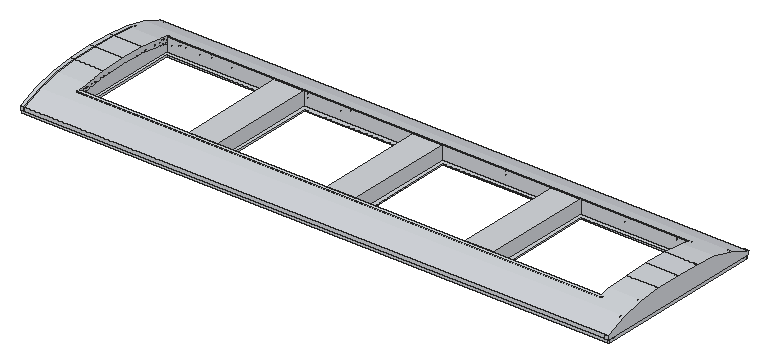
Revit family "Gira_0214723", category Electrical Fixtures, host Face, Revit 2017
Family settings
  Host = Face
  Maintain Annotation Orientation = No
  Round Connector Dimension = Use Diameter
  Part Type = Normal
  Cut with Voids When Loaded = No
  Shared = No
  Room Calculation Point = No
Parameters (values of type "Cov.fr. 4-g interm.fr. PW Gira Event Clear white")
  URL = "http://katalog.gira.de/en/datenblatt.html?artikelnr=0214723"
  Transparent = "No"
  Name = "Cov.fr. 4-g interm.fr. PW Gira Event Clear white"
  Manufacturer URL = "https://www.gira.de/"
  Manufacturer = "Gira"
  Label space/information surface = "No"
  Keynote = ""
  HeinzeBIM = "https://bimportal.heinze.de/bim/cov-fr-4-g-interm-fr-pw-gira-event-clear-white/8a031bdc05e33e4c6c69c108868627afa960f04f"
  HAN = "0214723"
  GTIN = "4010337068686"
  Description = "Cov.fr.4g i.fr.PW EvCl WH,Gira Event Clear cover frame,white with pure white glossy intermediate frame,4-gang,Features:,- Shatter-proof."
  Default Elevation = 1219.2 mm
  Data sheet (1) = "https://katalog.gira.de/en/download.html?artikelnr=0214723"
  Category = "Cover frame for domestic switching devices"
  BIM (1) = "https://media.stage.bim.site/public/gira/36a6b08/Event_Rahmen_4fach.rfa"
  Available = "No"
Reference planes
  plane 1 "Center (Front/Back)": y = 0
  plane 2: z = 0
  plane 3 "Center (Left/Right)": x = 0
Forms (mm)
  Extrusion 1, solid, detail levels fine
    sketch origin (0, 0, 0.05) x (0, 1, 0) y (0, 0, 1)
      loop
        arc (12.445, 9.683) -> (6.223, 9.833) -> (0, 9.85) r 291.636
        arc (0, 9.85) -> (-6.223, 9.833) -> (-12.445, 9.683) r 291.636
        arc (-12.445, 9.683) -> (-29.14, 7.482) -> (-45, 1.823) r 79.728
        line (-45, 1.823) -> (-45, -0.05) -> (-42.086, -0.05)
        arc (-42.086, -0.05) -> (-21.385, 5.559) -> (0, 7.206) r 114.424
        arc (0, 7.206) -> (21.385, 5.559) -> (42.086, -0.05) r 114.424
        line (42.086, -0.05) -> (45, -0.05) -> (45, 1.823)
        arc (45, 1.823) -> (29.14, 7.482) -> (12.445, 9.683) r 79.728
    from -151.95 to 151.935
  Extrusion 2, void, detail levels fine
    sketch origin (0, 0, 0) x (1, 0, 0) y (0, 1, 0)
      loop
        line (134.95, 28.035) -> (-134.95, 28.035) -> (-134.95, -28.035) -> (134.95, -28.035) -> (134.95, 28.035)
    from 0.724 to 11
  Extrusion 3, solid, detail levels coarse
    sketch origin (0, 0, 0) x (1, 0, 0) y (0, 1, 0)
      loop
        line (-151.95, 45) -> (-151.95, -45) -> (151.935, -45) -> (151.935, 45) -> (-151.95, 45)
    from -1.5 to 9.9
  Extrusion 4, solid, detail levels medium
    sketch origin (0, 0, 0.05) x (0, 1, 0) y (0, 0, 1)
      loop
        arc (12.445, 9.683) -> (6.223, 9.833) -> (0, 9.85) r 291.636
        arc (0, 9.85) -> (-6.223, 9.833) -> (-12.445, 9.683) r 291.636
        arc (-12.445, 9.683) -> (-29.14, 7.482) -> (-45, 1.823) r 79.728
        line (-45, 1.823) -> (-45, -0.05) -> (45, -0.05) -> (45, 1.823)
        arc (45, 1.823) -> (29.14, 7.482) -> (12.445, 9.683) r 79.728
    from -151.95 to 151.935
  Extrusion 5, solid, detail levels fine
    sketch origin (-106.95, 0, -1.5) x (0, 1, 0) y (0, 0, -1)
      loop
        line (45, -3.373) -> (45, -1.5) -> (-45, -1.5) -> (-45, -3.373)
        arc (-45, -3.373) -> (-29.14, -9.032) -> (-12.445, -11.233) r 79.728
        arc (-12.445, -11.233) -> (-6.223, -11.383) -> (0, -11.4) r 291.636
        arc (0, -11.4) -> (6.223, -11.383) -> (12.445, -11.233) r 291.636
        arc (12.445, -11.233) -> (29.14, -9.032) -> (45, -3.373) r 79.728
    from 43 to 45
  Extrusion 6, solid, detail levels fine
    sketch origin (0, 0, 0) x (1, 0, 0) y (0, 1, 0)
      loop
        line (-132.85, 25.7) -> (-132.85, -25.7) -> (-81.05, -25.7) -> (-81.05, 25.7) -> (-132.85, 25.7)
      loop
        line (-9.755, -25.7) -> (-9.755, 25.7) -> (-61.555, 25.7) -> (-61.555, -25.7) -> (-9.755, -25.7)
      loop
        line (-135.845, 28.49) -> (-135.845, -28.495)
        spline (-135.845, -28.495) -> (-135.836, -28.625) -> (-135.811, -28.754) -> (-135.769, -28.878) -> (-135.711, -28.995) -> (-135.638, -29.104) -> (-135.552, -29.202) -> (-135.454, -29.288) -> (-135.345, -29.361) -> (-135.228, -29.419) -> (-135.104, -29.461) -> (-134.975, -29.486) -> (-134.845, -29.495)
        line (-134.845, -29.495) -> (134.845, -29.495)
        spline (134.845, -29.495) -> (134.975, -29.486) -> (135.104, -29.461) -> (135.228, -29.419) -> (135.345, -29.361) -> (135.454, -29.288) -> (135.552, -29.202) -> (135.638, -29.104) -> (135.711, -28.995) -> (135.769, -28.878) -> (135.811, -28.754) -> (135.836, -28.625) -> (135.845, -28.495)
        line (135.845, -28.495) -> (135.845, 28.49)
        spline (135.845, 28.49) -> (135.836, 28.62) -> (135.811, 28.748) -> (135.769, 28.872) -> (135.711, 28.99) -> (135.638, 29.098) -> (135.552, 29.197) -> (135.454, 29.283) -> (135.345, 29.356) -> (135.228, 29.413) -> (135.104, 29.456) -> (134.975, 29.481) -> (134.845, 29.49)
        line (134.845, 29.49) -> (-134.845, 29.49)
        spline (-134.845, 29.49) -> (-134.975, 29.481) -> (-135.104, 29.456) -> (-135.228, 29.413) -> (-135.345, 29.356) -> (-135.454, 29.283) -> (-135.552, 29.197) -> (-135.638, 29.098) -> (-135.711, 28.99) -> (-135.769, 28.872) -> (-135.811, 28.748) -> (-135.836, 28.62) -> (-135.845, 28.49)
      loop
        line (61.545, -25.7) -> (61.545, 25.7) -> (9.745, 25.7) -> (9.745, -25.7) -> (61.545, -25.7)
      loop
        line (132.85, -25.7) -> (132.85, 25.7) -> (81.05, 25.7) -> (81.05, -25.7) -> (132.85, -25.7)
    from 0.1 to 7.3
  Extrusion 7, solid
    sketch origin (0, 0, 0) x (1, 0, 0) y (0, 1, 0)
      loop
        arc (-151.65, -44.218) -> (-151.504, -44.572) -> (-151.15, -44.718) r 0.5
        line (-151.15, -44.718) -> (151.15, -44.718)
        arc (151.15, -44.718) -> (151.504, -44.572) -> (151.65, -44.218) r 0.5
        line (151.65, -44.218) -> (151.65, 44.182)
        arc (151.65, 44.182) -> (151.504, 44.535) -> (151.15, 44.682) r 0.5
        line (151.15, 44.682) -> (-151.15, 44.682)
        arc (-151.15, 44.682) -> (-151.504, 44.535) -> (-151.65, 44.182) r 0.5
        line (-151.65, 44.182) -> (-151.65, -44.218)
      loop
        line (-149.95, 42.982) -> (-149.95, -43.018) -> (149.95, -43.018) -> (149.95, 42.982) -> (-149.95, 42.982)
    from -1.5 to 0.5
  Extrusion 8, solid, detail levels fine
    sketch origin (106.935, 0, -1.5) x (0, 1, 0) y (0, 0, 1)
      loop
        arc (45, 3.373) -> (29.14, 9.032) -> (12.445, 11.233) r 79.728
        arc (12.445, 11.233) -> (6.223, 11.383) -> (0, 11.4) r 291.636
        arc (0, 11.4) -> (-6.223, 11.383) -> (-12.445, 11.233) r 291.636
        arc (-12.445, 11.233) -> (-29.14, 9.032) -> (-45, 3.373) r 79.728
        line (-45, 3.373) -> (-45, 1.5) -> (45, 1.5) -> (45, 3.373)
    from 43 to 45
  Extrusion 9, solid, detail levels medium
    sketch origin (0, 0, 0) x (1, 0, 0) y (0, 1, 0)
      loop
        line (-151.65, -44.718) -> (151.65, -44.718) -> (151.65, 44.682) -> (-151.65, 44.682) -> (-151.65, -44.718)
    from -1.5 to 0.5
  Extrusion 10, solid, detail levels fine
    sketch origin (-69.857, 0, 0) x (1, 0, 0) y (0, 1, 0)
      loop
        line (-8.943, 28.063) -> (-8.943, -27.937) -> (6.057, -27.937) -> (6.057, 28.063) -> (-8.943, 28.063)
    from 0.724 to 7.566
  Extrusion 11, solid, detail levels fine
    sketch origin (-1.443, 0, 0) x (-1, 0, 0) y (0, -1, 0)
      loop
        line (-8.943, -28.063) -> (6.057, -28.063) -> (6.057, 27.937) -> (-8.943, 27.937) -> (-8.943, -28.063)
    from 0.724 to 7.566
  Extrusion 12, solid, detail levels fine
    sketch origin (69.857, 0, 0) x (-1, 0, 0) y (0, -1, 0)
      loop
        line (-8.943, -28.063) -> (6.057, -28.063) -> (6.057, 27.937) -> (-8.943, 27.937) -> (-8.943, -28.063)
    from 0.724 to 7.566
Cuts and joins
  Extrusion 2 cuts Extrusion 1
  Extrusion 2 cuts Extrusion 6
Dimensions and locks
  aligned and locked: plane 2 to host face
  aligned and locked: level to host face
